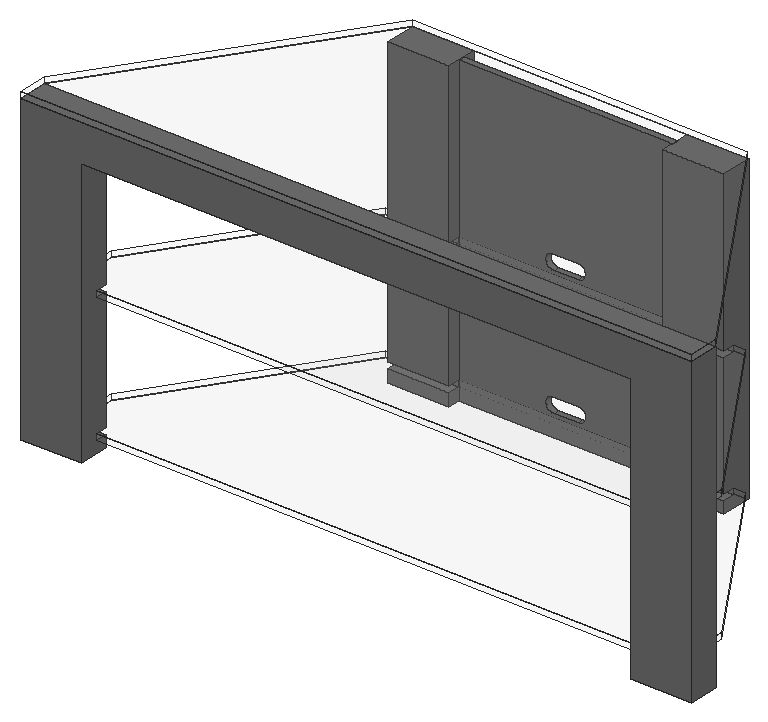
Revit family "M_Suporte de TV", category Mobiliário, Revit 2019
Family settings
  Com base no plano de trabalho = Não
  Sempre na vertical = Sim
  Corte com vazios quando carregada = Não
  Compartilhado = Não
  Ponto de cálculo do ambiente = Não
Parameters
  Linear = 460 mm
  Largura = 1100 mm
  Altura = 500 mm
  Concluir = Melamina - Cinza
Reference planes
  plane 1 "Centro (Frente/Trás)": y = 0
  plane 2: z = 0
  plane 3 "Centro (Esquerda/Direita)": x = 125.188
  plane 4: y = -460
  plane 5: x = -149.812
  plane 6: x = 400.188
  plane 7: x = -424.812
  plane 8: x = 675.188
  plane 9: z = 500
  plane 10: z = 230
  plane 11: z = 20
  plane 12: z = 440
Forms (mm)
  Extrusion 1, solid, material "Melamina - Cinza" <- "Concluir"
    sketch origin (1486.027, -460, 1200) x (1, 0, 0) y (0, 0, 1)
      loop
        line (-1810.839, -1200) -> (-1810.839, -760) -> (-910.839, -760) -> (-910.839, -1200) -> (-810.839, -1200) -> (-810.839, -700) -> (-1910.839, -700) -> (-1910.839, -1200) -> (-1810.839, -1200)
    from 0 to -50
  Extrusion 2, solid, material "Melamina - Cinza" <- "Concluir"
    sketch origin (0, 0, 0) x (1, 0, 0) y (0, 1, 0)
      loop
        line (-149.812, -50) -> (-49.812, -50) -> (-49.812, 0) -> (-149.812, 0) -> (-149.812, -50)
      loop
        line (300.188, -50) -> (400.188, -50) -> (400.188, 0) -> (300.188, 0) -> (300.188, -50)
    from 0 to 500
  Extrusion 3, solid, material "Melamina - Cinza"
    sketch origin (0, 0, 0) x (1, 0, 0) y (0, 0, 1)
      loop
        line (-49.812, 0) -> (300.188, 0) -> (300.188, 500) -> (-49.812, 500) -> (-49.812, 0)
      loop
        line (105.206, 245) -> (145.17, 245)
        arc (145.17, 245) -> (157.67, 257.5) -> (145.17, 270) r 12.5
        line (145.17, 270) -> (105.206, 270)
        arc (105.206, 270) -> (92.706, 257.5) -> (105.206, 245) r 12.5
      loop
        line (105.206, 35) -> (145.188, 35)
        arc (145.188, 35) -> (157.688, 47.5) -> (145.188, 60) r 12.5
        line (145.188, 60) -> (105.206, 60)
        arc (105.206, 60) -> (92.706, 47.5) -> (105.206, 35) r 12.5
    from 20 to 30
  Extrusion 4, void
    sketch origin (1199.318, -1524, 230) x (-1, 0, 0) y (0, -1, 0)
      loop
        line (1574.13, -1494) -> (1574.13, -1094) -> (574.13, -1094) -> (574.13, -1494) -> (1574.13, -1494)
    from 0 to 10
  Extrusion 5, solid, material "Vidro - Prateleiras"
    sketch origin (1199.318, -1524, 230) x (0, -1, 0) y (-1, 0, 0)
      loop
        line (-1494, 1369.252) -> (-1494, 779.008) -> (-1188.545, 574.13) -> (-1094, 574.13) -> (-1094, 1574.13) -> (-1188.545, 1574.13) -> (-1494, 1369.252)
    from 0 to -10
  Extrusion 6, solid, material "Vidro - Prateleiras"
    sketch origin (1447.349, -1524, 500) x (0, -1, 0) y (-1, 0, 0)
      loop
        line (-1524, 1597.161) -> (-1524, 1047.161) -> (-1114, 772.161) -> (-1064, 772.161) -> (-1064, 1872.161) -> (-1114, 1872.161) -> (-1524, 1597.161)
    from 0 to -10
  Extrusion 7, void
    sketch origin (1199.318, -1524, 20) x (-1, 0, 0) y (0, -1, 0)
      loop
        line (1574.13, -1494) -> (1574.13, -1094) -> (574.13, -1094) -> (574.13, -1494) -> (1574.13, -1494)
    from 0 to 10
  Extrusion 8, solid, material "Vidro - Prateleiras"
    sketch origin (1199.318, -1524, 20) x (0, -1, 0) y (-1, 0, 0)
      loop
        line (-1494, 1369.252) -> (-1494, 779.008) -> (-1188.545, 574.13) -> (-1094, 574.13) -> (-1094, 1574.13) -> (-1188.545, 1574.13) -> (-1494, 1369.252)
    from 0 to -10
Cuts and joins
  Extrusion 4, Extrusion 7 cuts Extrusion 1
  Extrusion 4, Extrusion 7 cuts Extrusion 2
  Extrusion 7 cuts Extrusion 5
Lines and regions (mm)
  model lines
    curve 1: line (-424.812, -460, 500) -> (-324.812, -460, 440)
    curve 2: line (675.188, -460, 500) -> (575.188, -460, 440)
Dimensions and locks
  equal spacing: plane 7, plane 5, plane 3 "Centro (Esquerda/Direita)", plane 6, plane 8
  "Largura": plane 7 to plane 8
  locked: Extrusion 1 sketch curve to plane 7 at 100
  locked: plane 8 to Extrusion 1 sketch curve at 100
  locked: plane 9 to Extrusion 1 sketch curve at 60
  locked: plane 5 to Extrusion 2 sketch curve at 100
  locked: Extrusion 2 sketch curve to plane 6 at 100
  locked: Extrusion 2 sketch curve to plane 1 "Centro (Frente/Trás)" at 50
  equal spacing: plane 12, plane 10, plane 11
  locked: plane 5 to Extrusion 3 sketch curve at 100
  locked: Extrusion 3 sketch curve to plane 6 at 100
  locked: plane 11 to plane 2 at 20
  Extrusion 3 sketch curve to plane 3 "Centro (Esquerda/Direita)" to Extrusion 3 sketch curve = 19.982 mm locked, 19.982 mm locked
  locked: Extrusion 3 sketch curve to plane 10 at 15
  locked: Extrusion 3 sketch curve to Extrusion 3 sketch curve at 25  (x2)
  locked: Extrusion 3 sketch curve to plane 11 at 15
  Extrusion 3 sketch curve to plane 3 "Centro (Esquerda/Direita)" to Extrusion 3 sketch curve = 20 mm locked, 19.982 mm locked
  locked: plane 9 to plane 12 at 60
  locked: plane 4 to Extrusion 4 sketch curve at 30
  locked: plane 7 to Extrusion 4 sketch curve at 50
  locked: Extrusion 4 sketch curve to plane 8 at 50
  locked: Extrusion 4 sketch curve to plane 1 "Centro (Frente/Trás)" at 30
  locked: Extrusion 5 sketch curve to plane 1 "Centro (Frente/Trás)" at 30
  locked: plane 4 to Extrusion 5 sketch curve at 30
  locked: plane 7 to Extrusion 5 sketch curve at 50
  locked: Extrusion 5 sketch curve to plane 8 at 50
  locked: plane 4 to Extrusion 7 sketch curve at 30
  locked: Extrusion 7 sketch curve to plane 1 "Centro (Frente/Trás)" at 30
  locked: plane 7 to Extrusion 7 sketch curve at 50
  locked: Extrusion 7 sketch curve to plane 8 at 50
  locked: plane 4 to Extrusion 8 sketch curve at 30
  locked: Extrusion 8 sketch curve to plane 1 "Centro (Frente/Trás)" at 30
  locked: plane 7 to Extrusion 8 sketch curve at 50
  locked: Extrusion 8 sketch curve to plane 8 at 50
  "Altura": plane 9 to plane 2
  "Linear": plane 4 to plane 1 "Centro (Frente/Trás)"
  aligned and locked: plane 7 to Extrusion 1 sketch curve
  aligned and locked: plane 9 to Extrusion 1 sketch curve
  aligned and locked: Extrusion 1 sketch curve to plane 8
  aligned and locked: plane 2 to Extrusion 1 sketch curve  (x2)
  aligned and locked: Extrusion 2 sketch curve to Extrusion 2 sketch curve  (x2)
  aligned and locked: Extrusion 2 sketch curve to plane 1 "Centro (Frente/Trás)"
  aligned and locked: plane 5 to Extrusion 2 sketch curve
  aligned and locked: Extrusion 2 sketch curve to plane 6
  aligned and locked: Extrusion 2 to plane 9
  aligned and locked: Extrusion 3 sketch curve to plane 9
  aligned and locked: Extrusion 3 sketch curve to plane 2
  aligned and locked: Extrusion 6 sketch curve to plane 4
  aligned and locked: plane 7 to Extrusion 6 sketch curve
  aligned and locked: plane 1 "Centro (Frente/Trás)" to Extrusion 6 sketch curve
  aligned and locked: Extrusion 6 sketch curve to plane 8
  aligned and locked: Extrusion 6 to Extrusion 5 sketch curve  (x2)
  aligned and locked: Extrusion 6 to Extrusion 8 sketch curve  (x2)
Automatic sketch dimensions
  curve 1 to plane 7 = 0 mm
  curve 2 to plane 8 = 0 mm
  curve 2 to plane 9 = 0 mm
  curve 1 to plane 9 = 0 mm
  plane 7 to curve 1 = 100 mm
  curve 2 to plane 8 = 100 mm
  plane 9 to curve 2 = 60 mm
  plane 9 to curve 1 = 60 mm
  Extrusion 6 sketch curve to plane 5 = 0 mm
  Extrusion 6 sketch curve to plane 6 = 0 mm
  Extrusion 6 sketch curve to plane 4 = 50 mm  (x2)
